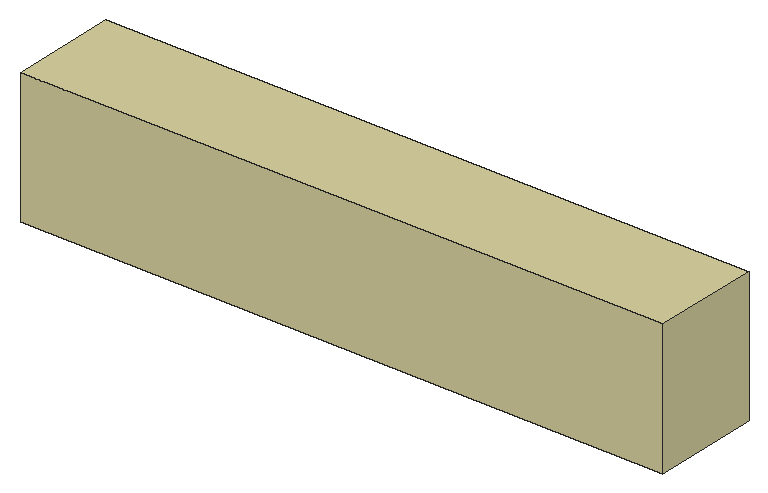
Revit family "СИБИТ_Узел_Перемычка_Высота 250 мм_D600 B2,5", category Обобщенные модели, Revit 2017
Family settings
  Основа = Стена
  Может служить основой для арматурных стержней = Нет
  Размер круглого соединителя = Использовать диаметр
  Тип детали = Нормальный
  Номер OmniClass = 23.25.30.11.14.14
  Заголовок OmniClass = Beams
  Всегда вертикально = Да
  При загрузке вырезать с полостями = Да
  Общий = Да
  Точка расчета площади = Нет
Parameters
  Ширина_Перемычка [instance] = if(Ширина перемычки = Тип_1, 100 mm, if(Ширина перемычки = Тип_2, 120 mm, if(Ширина перемычки = Тип_3, 150 mm, if(Ширина перемычки = Тип_4, 200 mm, if(Ширина перемычки = Тип_5, 300 mm, 0 mm)))))  # 200 mm
  Типоразмер_перемычки_1 [instance] = size_lookup(SLT_1, "", "ERROR", Длина_Перемычка, Ширина_Перемычка, Высота_Перемычка)  # "ПР12;2;25-1.8Я-В2.5"
  Тип_5 = Ширина : 300 мм
  Тип_4 = Ширина : 200 мм
  Тип_3 = Ширина : 150 мм
  Тип_2 = Ширина : 120 мм
  Тип_1 = Ширина : 100 мм
  Сертификат соответствия = "https://sibyt.ru/docs/lwut3ce_R8_hMIJXyOkKvIdYr3UTfy0A.pdf"
  Расчётная нагрузка, кгс/пог.м [instance] = size_lookup(SLT_1, "LOAD", 0, Длина_Перемычка, Ширина_Перемычка, Высота_Перемычка)  # 1800
  Отступ от плоскости размещения [instance] = 0 mm
  Разработчик модели = "Bimon - сервисный провайдер услуг информационного моделирования"  # constant formula
  Объём, м³ [instance] = size_lookup(SLT_1, "VOLUME", 0, Длина_Перемычка, Ширина_Перемычка, Высота_Перемычка)  # 0.06
  Мин. глубина опирания, мм, ненесущая/несущая [instance] = if(Длина_Перемычка = 2500 mm, "100/200", if(Длина_Перемычка = 1500 mm, "100/100", "100/150"))  # "100/150"
  Материал несущих конструкций = СИБИТ_Перемычки_Газобетон D600 B2,5
  Масса изделия при влажности 25%, кг [instance] = size_lookup(SLT_1, "MASS", 0, Длина_Перемычка, Ширина_Перемычка, Высота_Перемычка)  # 48
  Контактный телефон = "+7 (383) 363-90-90"
  Контактный Email = "zavod-sibit@ao-gns.ru"
  Код КСР (ФГИС ЦС) = ""
  Длина_Перемычка [instance] = if(Длина перемычки = Д_тип_1, 1200 mm, if(Длина перемычки = Д_тип_2, 1500 mm, if(Длина перемычки = Д_тип_3, 2000 mm, 2500 mm)))  # 1200 mm
  Длина перемычки [instance] = Длина : 1200 мм
  Д_тип_4 = Длина : 2500 мм
  Д_тип_3 = Длина : 2000 мм
  Д_тип_2 = Длина : 1500 мм
  Д_тип_1 = Длина : 1200 мм
  Высота_Перемычка [instance] = if(and(Длина_Перемычка = 2500 mm, Ширина_Перемычка = 120 mm), 0 mm, 250 mm)  # 250 mm
  Ширина перемычки [instance] = Ширина : 200 мм
  В пачке, шт. [instance] = size_lookup(SLT_1, "AMOUNT", 0, Длина_Перемычка, Ширина_Перемычка, Высота_Перемычка)  # 20
  Uniclass 2015 Title = "Beams"  # constant formula
  Uniclass 2015 Code = "EF_20_20"  # constant formula
  UNSPSC Title = "Beams"  # constant formula
  UNSPSC Code = "30101700"  # constant formula
  SLT_1 = "3_LUT"  # constant formula
  Description = ""
  Ключевая пометка = "04200.B2"
  Omniclass Title = "Beams"  # constant formula
  Omniclass Code = "23.25.30.11.14.14"  # constant formula
  Masterformat Title = ""
  Masterformat Code = ""
  IFC Classification = "Beam"  # constant formula
  Изготовитель = "СИБИТ"  # constant formula
  Model = ""
  URL = "www.sibyt.ru"
  COBie Category = ""
  Bimon = "www.bimon.ru"
Reference planes
  plane 1 "Стена": y = 0
  plane 2 "По центру (Влево/Вправо)": x = 125
  plane 3 "Назад": y = 150
  plane 4: x = -475
  plane 5: x = 725
  plane 6 "1": z = 250
  plane 7: y = 150
  plane 8: y = -50
  plane 9 "УГО": y = 50
Forms (mm)
  Extrusion 1, void
    sketch origin (125, 0, 0) x (0, 1, 0) y (0, 0, 1)
      loop
        line (150, 250) -> (-50, 250) -> (-50, 0) -> (150, 0) -> (150, 250)
    from -600 to 600
Lines and regions (mm)
  model lines, detail levels coarse
    curve 1: line (-475, 50, 0) -> (725, 50, 0)
  symbolic lines, detail levels coarse
    curve 2: line (-475, 50, 0) -> (725, 50, 0)
Text (mm)
  text "Placement Side" at (-1848.837, 1116.779, 0), in view "Опорный уровень"
  text "Placement side" at (0, 1409.804, 2854.306), in view "Слева"
  text "Placement side" at (0, 499.811, 2980.732), in view "Справа"
Dimensions and locks
  locked: plane 3 "Назад" to host wall
  equal spacing: plane 4, plane 2 "По центру (Влево/Вправо)", plane 5
  "Длина_Перемычка": plane 4 to plane 5
  "Высота_Перемычка": level to plane 6 "1"
  "Отступ от плоскости размещения": plane 3 "Назад" to plane 7
  "Ширина_Перемычка": plane 7 to plane 8
  equal spacing: plane 8, plane 9 "УГО", plane 7
  aligned and locked: plane 1 "Стена" to host wall
  aligned and locked: plane 5 to nested 1
  aligned and locked: nested 1 to plane 7
  aligned and locked: nested 1 to plane 4
  aligned and locked: plane 5 to Extrusion 1
  aligned and locked: Extrusion 1 to plane 4
  aligned and locked: plane 9 "УГО" to curve 2
  aligned and locked: plane 4 to curve 2
  aligned and locked: plane 5 to curve 2
  aligned and locked: Extrusion 1 sketch curve to host wall
  aligned and locked: plane 8 to Extrusion 1 sketch curve
  aligned and locked: Extrusion 1 sketch curve to level
  aligned and locked: Extrusion 1 sketch curve to plane 6 "1"
Automatic sketch dimensions
  curve 1 to plane 4 = 0 mm
  curve 1 to plane 5 = 0 mm
  plane 9 "УГО" to curve 1 = 0 mm
Nested families
  nested 1: "СИБИТ_Перемычка" at (125, 50, 0), Высота <- "Высота_Перемычка", Длина <- "Длина_Перемычка", Ширина <- "Ширина_Перемычка", Тип, марка, обозначение <- "Типоразмер_перемычки_1", Масса изделия при влажности 25%, кг <- "Масса изделия при влажности 25%, кг", Объём, м³ <- "Объём, м³", В пачке, шт. <- "В пачке, шт.", Расчётная нагрузка, кгс/м <- "Расчётная нагрузка, кгс/пог.м", Structural Material <- "Материал несущих конструкций", type "СИБИТ_Перемычка D600 B2,5", detail levels medium+fine
    with Ширина 200 mm, Тип, марка, обозначение "ПР12;2;25-1.8Я-В2.5", Расчётная нагрузка, кгс/м 1800, Объём, м³ 0.06, Мин. глубина опирания, мм, ненесущая/несущая "100/150", built-in parameter 1005500 СИБИТ_Перемычки_Газобетон D600 B2,5, Масса изделия при влажности 25%, кг 48, Длина 1200 mm, Высота 250 mm, В пачке, шт. 20
Definition of nested family "СИБИТ_Перемычка"
  Parameters (values of type "СИБИТ_Перемычка D600 B2,5")
    Ширина [instance] = 150 mm
    Тип, марка, обозначение [instance] = ""
    Расчётная нагрузка, кгс/м [instance] = 0
    Description = "СТО 39136230-01-2008"
    Fire Rating = ""
    Объём, м³ [instance] = 0
    Мин. глубина опирания, мм, ненесущая/несущая [instance] = if(Длина = 2500 mm, "100/200", if(Длина = 2000 mm, "100/150", if(Длина = 1500 mm, "100/100", "100/150")))  # "100/150"
    Structural Material [instance] = none
    Масса изделия при влажности 25%, кг [instance] = 0
    Keynote = "04200.B2"
    Manufacturer = "СИБИТ"
    Длина [instance] = 3000 mm
    Model = ""
    Высота [instance] = 300 mm
    В пачке, шт. [instance] = 0
    Uniclass 2015 Title = "Beams"  # constant formula
    Uniclass 2015 Code = "EF_20_20"  # constant formula
    URL = "www.sibyt.ru"
    UNSPSC Title = "Beams"  # constant formula
    UNSPSC Code = "30101700"  # constant formula
    OmniClass Title = "Beams"  # constant formula
    OmniClass Code = "23.25.30.11.14.14"  # constant formula
    Masterformat Title = ""
    Masterformat Code = ""
    IFC Classification = "Beam"  # constant formula
    COBie Category = ""
  Reference planes
    plane 1 "По центру (Вперед/Назад)": y = 0
    plane 2: z = 0
    plane 3 "По центру (Влево/Вправо)": x = 0
    plane 4: y = 75
    plane 5: y = -75
    plane 6: x = -1500
    plane 7: x = 1500
    plane 8: z = 300
  Forms (mm)
    Extrusion 1, solid, material <- "Structural Material"
      sketch origin (0, 0, 0) x (1, 0, 0) y (0, 1, 0)
        loop
          line (-1500, 75) -> (-1500, -75) -> (1500, -75) -> (1500, 75) -> (-1500, 75)
      from 0 to 300
  Dimensions and locks
    equal spacing: plane 4, plane 1 "По центру (Вперед/Назад)", plane 5
    "Ширина": plane 5 to plane 4
    equal spacing: plane 6, plane 3 "По центру (Влево/Вправо)", plane 7
    "Длина": plane 6 to plane 7
    "Высота": plane 8 to plane 2
    aligned and locked: level to plane 2
    aligned and locked: Extrusion 1 to plane 4
    aligned and locked: Extrusion 1 to plane 5
    aligned and locked: Extrusion 1 to plane 6
    aligned and locked: Extrusion 1 to plane 7
    aligned and locked: Extrusion 1 to plane 8
  Automatic sketch dimensions
    Extrusion 1 sketch curve to plane 5 = 0 mm
    Extrusion 1 sketch curve to plane 3 "По центру (Влево/Вправо)" = 1500 mm
    plane 3 "По центру (Влево/Вправо)" to Extrusion 1 sketch curve = 1500 mm
    Extrusion 1 sketch curve to plane 4 = 0 mm
